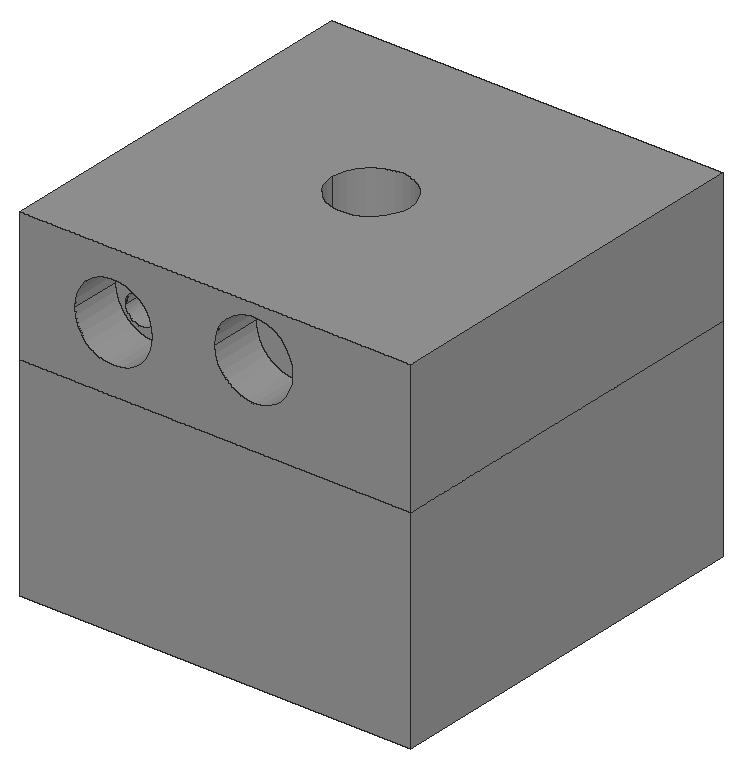
Revit family "pump1", category Generic Models, Revit 2022
Family settings
  Can host rebar = No
  Round Connector Dimension = Use Diameter
  Part Type = Normal
  Work Plane-Based = No
  Always vertical = Yes
  Cut with Voids When Loaded = No
  Maintain Annotation Orientation = No
  Shared = No
  Room Calculation Point = No
Parameters
  Default Elevation = 0' - 0"
Reference planes (in)
  plane 1 "Center (Front/Back)": y = 0
  plane 2: z = 0
  plane 3 "Center (Left/Right)": x = 0
Forms (in)
  Extrusion 1, solid, material "Black Plastic"
    sketch origin (25.09155, 8.57067, 0) x (1, 0, 0) y (0, 1, 0)
      loop
        line (-26.34155, -8.57067) -> (-23.84155, -8.57067) -> (-23.84155, -6.07067) -> (-26.34155, -6.07067) -> (-26.34155, -8.57067)
    from 0 to 1.35156
  Extrusion 2, solid, material "Clear Plastic"
    sketch origin (25.09155, 8.57067, 1.35156) x (1, 0, 0) y (0, 1, 0)
      loop
        line (-26.34155, -6.07067) -> (-26.34155, -8.57067) -> (-23.84155, -8.57067) -> (-23.84155, -6.07067) -> (-26.34155, -6.07067)
    from 0 to 0.85156
  Extrusion 3, void
    sketch origin (1.25, 0, 1.35156) x (1, 0, 0) y (0, 0, -1)
      loop
        circle (-1.9, -0.42578) r 0.25
      loop
        circle (-1, -0.52578) r 0.25
    from 0 to 0.32422
  Extrusion 4, void
    sketch origin (25.09155, 8.57067, 1.35156) x (1, 0, 0) y (0, 1, 0)
      loop
        circle (-25.09155, -7.32067) r 0.8
    from 0 to 0.28125
  Extrusion 5, void
    sketch origin (25.09155, 8.57067, 1.63281) x (1, 0, 0) y (0, 1, 0)
      loop
        circle (-25.09155, -7.32067) r 0.25
    from 0 to 0.57031
  Extrusion 6, void
    sketch origin (1.25, 0.32422, 1.35156) x (1, 0, 0) y (0, 0, -1)
      loop
        circle (-1.98128, -0.32906) r 0.1
      loop
        circle (-0.97652, -0.64395) r 0.1
    from 0 to 1
Cuts and joins
  Extrusion 3, Extrusion 4, Extrusion 5, Extrusion 6 cuts Extrusion 2
  Extrusion 4 cuts Extrusion 1
Dimensions and locks (in)
  aligned and locked: plane 2 to level
